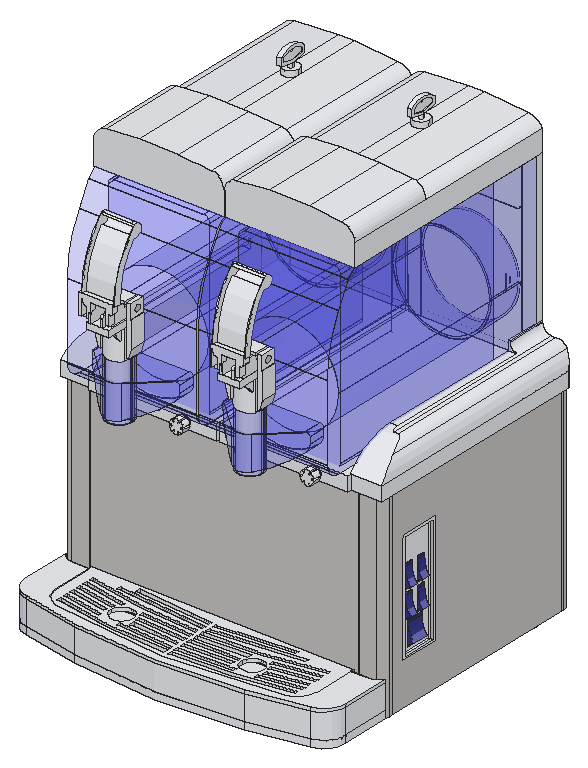
Revit family "QF_ELECTROLUXPROFESSIONAL_560105_SP2NewUK", category Specialty Equipment, Revit 2018 (continued)
Lines and regions (mm)
  symbolic lines
    curve 12: line (2.783, -161.117, 14) -> (2.783, -167.117, 14)
    curve 13: line (2.783, -172.117, 14) -> (2.783, -178.117, 14)
    curve 14: line (2.783, -183.117, 14) -> (2.783, -189.117, 14)
    curve 15: line (2.783, -194.117, 14) -> (2.783, -200.117, 14)
    curve 16: line (2.783, -205.117, 14) -> (2.783, -211.117, 14)
    curve 17: arc (2.783, -211.117, 14) -> (35.925, -210.286, 14) -> (69, -208.033, 14) r 772.106
    curve 18: arc (164.485, -187.256, 14) -> (137.825, -192.623, 14) -> (110.991, -197.04, 14) r 766.106
    curve 19: arc (2.783, -200.117, 14) -> (35.926, -199.274, 14) -> (69, -196.988, 14) r 761.106
    curve 20: arc (69, -190.963, 14) -> (35.926, -193.267, 14) -> (2.783, -194.117, 14) r 755.106
    curve 21: arc (2.783, -189.117, 14) -> (35.228, -188.295, 14) -> (67.608, -186.069, 14) r 750.106
    curve 22: arc (62.063, -180.53, 14) -> (32.449, -182.414, 14) -> (2.783, -183.117, 14) r 744.106
    curve 23: arc (2.783, -178.117, 14) -> (30.123, -177.508, 14) -> (57.422, -175.888, 14) r 739.106
    curve 24: arc (51.822, -170.288, 14) -> (27.318, -171.613, 14) -> (2.783, -172.117, 14) r 733.106
    curve 25: arc (2.783, -167.117, 14) -> (24.968, -166.694, 14) -> (47.129, -165.595, 14) r 728.106
    curve 26: arc (41.464, -159.931, 14) -> (22.132, -160.783, 14) -> (2.783, -161.117, 14) r 722.106
    curve 27: arc (2.783, -156.117, 14) -> (19.755, -155.85, 14) -> (36.715, -155.182, 14) r 717.106
    curve 28: line (164.485, -193.398, 14) -> (164.485, -187.256, 14)
    curve 29: line (164.485, -182.136, 14) -> (164.485, -175.99, 14)
    curve 30: line (164.485, -170.866, 14) -> (164.485, -164.715, 14)
    curve 31: line (164.485, -159.587, 14) -> (164.485, -153.432, 14)
    curve 32: arc (164.485, -153.432, 14) -> (152.163, -156.157, 14) -> (139.797, -158.67, 14) r 733.106
    curve 33: arc (164.485, -164.715, 14) -> (145.534, -168.752, 14) -> (126.484, -172.294, 14) r 744.106
    curve 34: arc (164.485, -175.99, 14) -> (138.736, -181.268, 14) -> (112.82, -185.647, 14) r 755.106
    curve 35: arc (132.277, -166.189, 14) -> (148.418, -163.067, 14) -> (164.485, -159.587, 14) r 739.106
    curve 36: arc (118.814, -179.653, 14) -> (141.717, -175.613, 14) -> (164.485, -170.866, 14) r 750.106
    curve 37: arc (111, -191.985, 14) -> (137.83, -187.538, 14) -> (164.485, -182.136, 14) r 761.106
    curve 38: arc (69, -202.009, 14) -> (35.925, -204.28, 14) -> (2.783, -205.117, 14) r 766.106
    curve 39: arc (111.004, -203.101, 14) -> (137.83, -198.721, 14) -> (164.485, -193.398, 14) r 772.106
    curve 40: line (97.267, -160.486, 14) -> (97.267, -153, 14)
    curve 41: line (82.733, -160.486, 14) -> (82.733, -153, 14)
    curve 42: arc (105.17, -170.997, 14) -> (90.017, -158.677, 14) -> (74.837, -170.964, 14) r 15.5
    curve 43: line (-7, -121.793, 14) -> (9.534, -121.793, 14)
    curve 44: line (-7, -137.647, 14) -> (9.534, -137.647, 14)
    curve 45: line (2.783, -161.117, 14) -> (2.783, -113, 14)
    curve 46: line (-180.657, -118, 14) -> (-180.657, -174.118, 14)
    curve 47: arc (-180.657, -174.118, 14) -> (-173.912, -193.071, 14) -> (-156.71, -203.501, 14) r 30
    curve 48: line (-2.783, -161.117, 14) -> (-2.783, -167.117, 14)
    curve 49: line (-2.783, -172.117, 14) -> (-2.783, -178.117, 14)
    curve 50: line (-2.783, -183.117, 14) -> (-2.783, -189.117, 14)
    curve 51: line (-2.783, -194.117, 14) -> (-2.783, -200.117, 14)
    curve 52: line (-2.783, -205.117, 14) -> (-2.783, -211.117, 14)
    curve 53: arc (-2.783, -211.117, 14) -> (-35.925, -210.286, 14) -> (-69, -208.033, 14) r 772.106
    curve 54: arc (-164.485, -187.256, 14) -> (-137.825, -192.623, 14) -> (-110.991, -197.04, 14) r 766.106
    curve 55: arc (-2.783, -200.117, 14) -> (-35.926, -199.274, 14) -> (-69, -196.988, 14) r 761.106
    curve 56: arc (-69, -190.963, 14) -> (-35.926, -193.267, 14) -> (-2.783, -194.117, 14) r 755.106
    curve 57: arc (-2.783, -189.117, 14) -> (-35.307, -188.291, 14) -> (-67.764, -186.055, 14) r 750.106
    curve 58: arc (-62.01, -180.534, 14) -> (-32.422, -182.416, 14) -> (-2.783, -183.117, 14) r 744.106
    curve 59: arc (-2.783, -178.117, 14) -> (-30.21, -177.505, 14) -> (-57.595, -175.875, 14) r 739.106
    curve 60: arc (-51.822, -170.288, 14) -> (-27.318, -171.613, 14) -> (-2.783, -172.117, 14) r 733.106
    curve 61: arc (-2.783, -167.117, 14) -> (-24.922, -166.696, 14) -> (-47.037, -165.601, 14) r 728.106
    curve 62: arc (-41.44, -159.932, 14) -> (-22.12, -160.783, 14) -> (-2.783, -161.117, 14) r 722.106
    curve 63: arc (-2.783, -156.117, 14) -> (-19.759, -155.85, 14) -> (-36.723, -155.181, 14) r 717.106
    curve 64: line (-164.485, -193.398, 14) -> (-164.485, -187.256, 14)
    curve 65: line (-164.485, -182.136, 14) -> (-164.485, -175.99, 14)
    curve 66: line (-164.485, -170.866, 14) -> (-164.485, -164.715, 14)
    curve 67: line (-164.485, -159.587, 14) -> (-164.485, -153.432, 14)
    curve 68: arc (-164.485, -153.432, 14) -> (-152.209, -156.147, 14) -> (-139.888, -158.652, 14) r 733.106
    curve 69: arc (-164.485, -164.715, 14) -> (-145.359, -168.786, 14) -> (-126.134, -172.354, 14) r 744.106
    curve 70: arc (-164.485, -175.99, 14) -> (-138.838, -181.249, 14) -> (-113.024, -185.616, 14) r 755.106
    curve 71: arc (-132.258, -166.193, 14) -> (-148.408, -163.069, 14) -> (-164.485, -159.587, 14) r 739.106
    curve 72: arc (-118.936, -179.633, 14) -> (-141.778, -175.602, 14) -> (-164.485, -170.866, 14) r 750.106
    curve 73: arc (-111.098, -191.97, 14) -> (-137.879, -187.529, 14) -> (-164.485, -182.136, 14) r 761.106
    curve 74: arc (-69, -202.009, 14) -> (-35.925, -204.28, 14) -> (-2.783, -205.117, 14) r 766.106
    curve 75: arc (-111.004, -203.101, 14) -> (-137.83, -198.721, 14) -> (-164.485, -193.398, 14) r 772.106
    curve 76: line (-97.267, -160.486, 14) -> (-97.267, -153, 14)
    curve 77: line (-82.733, -160.486, 14) -> (-82.733, -153, 14)
    curve 78: arc (-105.172, -171.007, 14) -> (-90.045, -158.677, 14) -> (-74.846, -170.919, 14) r 15.5
    curve 79: line (-2.783, -161.117, 14) -> (-2.783, -113, 14)
    curve 80: arc (73.294, -216.009, 14) -> (0.004, -219.475, 14) -> (-73.287, -216.01, 14) r 776.665
    curve 81: arc (-111.031, -211.498, 14) -> (-133.93, -207.84, 14) -> (-156.71, -203.501, 14) r 776.665
Dimensions and locks
  plane 4 "FEET" to level = 14 mm
  plane 6 "LEFT" to plane 3 "Center (Left/Right)" to plane 7 "RIGHT" = 223.5 mm, 223.5 mm
  locked: plane 6 "LEFT" to plane 7 "RIGHT" at 447
  plane 7 "RIGHT" to plane 6 "LEFT" = 447 mm
  plane 5 "BACK" to plane 12 "FRONT" = 442 mm
  aligned and locked: level to plane 2 "BASE"
Nested families
  nested 1: "SP2_Vasca_L" at (-89.477, 0, 0), type "SP2_Vasca_L"
  nested 2: "SP2_Vasca_R" at (90.523, 0, 0), type "SP2_Vasca_R"
Connectors
  electrical at (-176.5, -31, 4)
    settings: on Extrusion 9, index 1, voltage 0 V, apparent load 0 VA, apparent load phase1 0 VA, apparent load phase2 0 VA, apparent load phase3 0 VA, power factor 1, load classification "Other", number of poles 1, system type 30, power factor state 1, is connector primary yes, connector utility no, sub classification motor no, connector description "Electrical connection"
  electrical at (-176.5, -31, 4)
    settings: on Extrusion 9, index 2, voltage 0 V, apparent load 0 VA, apparent load phase1 0 VA, apparent load phase2 0 VA, apparent load phase3 0 VA, power factor 1, load classification "Other", number of poles 1, system type 30, power factor state 1, is connector primary no, connector utility no, sub classification motor no, connector description ""
Definition of nested family "SP2_Vasca_L"
  Parameters (values of type "SP2_Vasca_L")
    Weight = 28.00 kg
    Watts = 32.5161 W
    Volts = 230 V
    URL Manufacturer = "http://professional.electrolux.com"
    URL = "http://professional.electrolux.com"
    Steam Supply Size = 0 mm
    Steam Supply Minimum Pressure = 0.0 Pa
    Steam Supply Maximum Pressure = 0.0 Pa
    Steam Pounds per Hour = 0
    Refrigeration Suction Line Size = 0 mm
    Refrigeration Liquid Line Size = 0 mm
    Refrigerant Compressor Remote = yes
    Phase = 1
    Model = "SP1ITNK"
    Manufacturer = "Electrolux"
    Length Actual = 262 mm  # constant formula
    Item Number = "560011"
    Hot Water Size = 0 mm
    Height Actual = 612 mm  # constant formula
    HP = "0.5 HP"
    Gas Size = 0 mm
    Gas KW = 0
    Gas Input Pressure = 0 W
    Description = "1X5 LT BOWL - FROZEN GRANITA AND FROZEN CREAM DISPENSER - 1 INSULATED BOWL - WHITE"
    Depth Actual = 427 mm  # constant formula
    Cycle = 50 Hz
    Condensate Return Size = 0 mm
    Compressed Air Volume = 0.0 L/s
    Compressed Air Size = 0 mm
    Compressed Air Pressure = 0.0 Pa
    Cold Water Size = 0 mm
    Accessory = yes
  Reference planes
    plane 1 "Center (Front/Back)": y = 0
    plane 2 "BASE": z = 0
    plane 3 "Center (Left/Right)": x = 0
    plane 4 "FEET": z = 14
    plane 5 "BACK": y = 212
    plane 6 "LEFT": x = -134.023
    plane 7 "RIGHT": x = 134
    plane 8: y = 169
    plane 9: y = -118.5
    plane 10 "Erogatore": through (0, -232.305, 334.252) normal (0, -0.5736, 0.8192)
    plane 11: y = -81
    plane 12 "BackButton": z = 362.798
    plane 13 "SlopeBack": through (0, 294.5, 470.764) normal (0, 0.9659, 0.2588)
    plane 14 "TOP": z = 640
    plane 15 "FRONT": y = -216
  Forms (mm)
    Extrusion 1, solid
      sketch origin (0, 212, 0) x (-1, 0, 0) y (0, 0, 1)
        loop
          circle (0, 394.542) r 65
        loop
          circle (0, 394.542) r 68
      from -59.276 to -10
    Extrusion 2, solid
      sketch origin (0.189, -212, -123.048) x (-1, 0, 0) y (0, 0, 1)
        loop
          line (41.631, 426.74) -> (42.799, 423.85)
          arc (42.799, 423.85) -> (41.998, 423.46) -> (41.26, 422.962) r 6.382
          line (41.26, 422.962) -> (39.342, 425.418)
          arc (39.342, 425.418) -> (36.964, 422.682) -> (35.784, 419.255) r 9.498
          line (35.784, 419.255) -> (38.87, 418.821)
          arc (38.87, 418.821) -> (38.808, 417.933) -> (38.87, 417.045) r 6.382
          line (38.87, 417.045) -> (35.784, 416.611)
          arc (35.784, 416.611) -> (36.964, 413.184) -> (39.342, 410.449) r 9.498
          line (39.342, 410.449) -> (41.26, 412.904)
          arc (41.26, 412.904) -> (41.998, 412.406) -> (42.799, 412.016) r 6.382
          line (42.799, 412.016) -> (41.631, 409.127)
          arc (41.631, 409.127) -> (45.189, 408.435) -> (48.747, 409.127) r 9.498
          line (48.747, 409.127) -> (47.58, 412.016)
          arc (47.58, 412.016) -> (48.38, 412.406) -> (49.118, 412.904) r 6.382
          line (49.118, 412.904) -> (51.037, 410.449)
          arc (51.037, 410.449) -> (53.415, 413.184) -> (54.595, 416.611) r 9.498
          line (54.595, 416.611) -> (51.509, 417.045)
          arc (51.509, 417.045) -> (51.571, 417.933) -> (51.509, 418.821) r 6.382
          line (51.509, 418.821) -> (54.595, 419.255)
          arc (54.595, 419.255) -> (53.415, 422.682) -> (51.037, 425.418) r 9.498
          line (51.037, 425.418) -> (49.118, 422.962)
          arc (49.118, 422.962) -> (48.38, 423.46) -> (47.58, 423.85) r 6.382
          line (47.58, 423.85) -> (48.747, 426.74)
          arc (48.747, 426.74) -> (45.189, 427.431) -> (41.631, 426.74) r 9.498
      from 74.796 to 85.6
    Extrusion 3, solid
      sketch origin (0, 48.357, 801) x (-1, 0, 0) y (0, -1, 0)
        loop
          circle (0, 226.958) r 15.5
      from -371.98 to -493
    Extrusion 4, solid
      sketch origin (0, 48.357, 801) x (-1, 0, 0) y (0, -1, 0)
        loop
          circle (0, 226.958) r 18
        loop
          circle (0, 226.958) r 16
      from -413.102 to -493
    Extrusion 5, solid
      sketch origin (0, 48.357, 801) x (-1, 0, 0) y (0, -1, 0)
        loop
          arc (-15.227, 216.452) -> (0, 208.458) -> (15.227, 216.452) r 18.5
          line (15.227, 216.452) -> (15.227, 237.464)
          arc (15.227, 237.464) -> (0, 245.458) -> (-15.227, 237.464) r 18.5
          line (-15.227, 237.464) -> (-15.227, 216.452)
      from -371.98 to -413.102
    Extrusion 6, solid
      sketch origin (0, 55.382, 805.556) x (-1, 0, 0) y (0, -1, 0)
        loop
          line (15.227, 271.382) -> (-15.227, 271.382) -> (-15.227, 213.658) -> (15.227, 213.658) -> (15.227, 271.382)
      from -368.017 to -376.536
    Extrusion 7, solid
      sketch origin (0, 53.382, -125.444) x (0, 1, 0) y (0, 0, 1)
        loop
          line (-261.382, 594.51) -> (-261.382, 596.294)
          arc (-261.382, 596.294) -> (-255.05, 633.384) -> (-236.771, 666.272) r 111.793
          arc (-236.771, 666.272) -> (-224.219, 671.737) -> (-234.339, 680.956) r 8.155
          arc (-234.339, 680.956) -> (-260.275, 642.108) -> (-269.382, 596.294) r 119.793
          line (-269.382, 596.294) -> (-269.382, 594.51) -> (-261.382, 594.51)
      from 23.02 to -23.02
    Extrusion 8, void
      sketch origin (0, -212, -130.102) x (-1, 0, 0) y (0, 0, 1)
        loop
          line (-23.02, 594.51) -> (-23.02, 567.641) -> (-15.227, 567.641) -> (-15.227, 586.659)
          arc (-15.227, 586.659) -> (-20.449, 589.269) -> (-23.02, 594.51) r 9.122
        loop
          arc (23.02, 594.51) -> (20.449, 589.269) -> (15.227, 586.659) r 9.122
          line (15.227, 586.659) -> (15.227, 567.641) -> (23.02, 567.641) -> (23.02, 594.51)
        loop
          line (-10.018, 592.641) -> (-10.018, 567.641) -> (9.982, 567.641) -> (9.982, 592.641) -> (-10.018, 592.641)
      from 4 to -4
    Extrusion 9, void
      sketch origin (0, 53.382, -125.444) x (0, 1, 0) y (0, 0, 1)
        loop
          arc (-238.506, 676.569) -> (-261.397, 639.298) -> (-269.382, 596.294) r 119.793
          line (-269.382, 596.294) -> (-262.382, 596.294)
          arc (-262.382, 596.294) -> (-255.831, 634.173) -> (-236.94, 667.653) r 112.793
          arc (-236.94, 667.653) -> (-225.218, 674.307) -> (-238.506, 676.569) r 7.155
      from 22 to -22
    Extrusion 10, solid
      sketch origin (-134.023, 53.382, -125.444) x (0, 1, 0) y (0, 0, 1)
        loop
          line (-261.382, 596.294) -> (-269.382, 596.294) -> (-269.382, 567.641) -> (-261.382, 567.641) -> (-261.382, 596.294)
      from 154.02 to 107.98
    Extrusion 11, solid
      sketch origin (-134.023, 55.382, -130.102) x (0, 1, 0) y (0, 0, 1)
        loop
          line (-263.382, 567.641) -> (-223.382, 567.641) -> (-223.382, 587.641) -> (-256.513, 587.641)
          arc (-256.513, 587.641) -> (-261.37, 589.653) -> (-263.382, 594.51) r 6.869
          line (-263.382, 594.51) -> (-263.382, 567.641)
      from 115.773 to 107.98
    Extrusion 12, solid
      sketch origin (-134.023, 55.382, -130.102) x (0, 1, 0) y (0, 0, 1)
        loop
          line (-263.382, 567.641) -> (-224.483, 567.641) -> (-224.483, 587.641) -> (-256.513, 587.641)
          arc (-256.513, 587.641) -> (-261.37, 589.653) -> (-263.382, 594.51) r 6.869
          line (-263.382, 594.51) -> (-263.382, 567.641)
      from 115.773 to 121.018
    Extrusion 13, solid
      sketch origin (-134.023, 55.382, -125.444) x (0, 1, 0) y (0, 0, 1)
        loop
          line (-248.575, 539.464) -> (-246.902, 539.464) -> (-246.902, 554.464) -> (-261.615, 554.464) -> (-248.575, 539.464)
      from 115.773 to 118.85
    Extrusion 14, solid
      sketch origin (-134.023, 55.382, -125.444) x (0, 1, 0) y (0, 0, 1)
        loop
          line (-246.902, 554.464) -> (-261.615, 554.464) -> (-248.575, 539.464) -> (-246.902, 539.464) -> (-246.902, 554.464)
      from 143.221 to 146.227
    Extrusion 15, solid
      sketch origin (-134.023, 55.382, -125.444) x (0, 1, 0) y (0, 0, 1)
        loop
          line (-263.382, 562.983) -> (-224.483, 562.983) -> (-224.483, 582.983) -> (-256.513, 582.983)
          arc (-256.513, 582.983) -> (-261.37, 584.995) -> (-263.382, 589.852) r 6.869
          line (-263.382, 589.852) -> (-263.382, 562.983)
      from 141.018 to 146.227
    Extrusion 16, solid
      sketch origin (-134.023, 53.382, -130.102) x (0, 1, 0) y (0, 0, 1)
        loop
          line (-269.382, 567.641) -> (-221.382, 567.641) -> (-221.382, 586.659) -> (-258.382, 586.659)
          arc (-258.382, 586.659) -> (-260.503, 585.78) -> (-261.382, 583.659) r 3
          line (-261.382, 583.659) -> (-261.382, 582.15) -> (-266.382, 582.15)
          arc (-266.382, 582.15) -> (-268.503, 581.271) -> (-269.382, 579.15) r 3
          line (-269.382, 579.15) -> (-269.382, 567.641)
      from 124.546 to 121.018
    Extrusion 17, solid
      sketch origin (-134.023, 65.803, -125.444) x (0, 1, 0) y (0, 0, 1)
        loop
          line (-281.803, 562.983) -> (-234.904, 562.983) -> (-234.904, 582.001) -> (-270.803, 582.001)
          arc (-270.803, 582.001) -> (-272.924, 581.122) -> (-273.803, 579.001) r 3
          line (-273.803, 579.001) -> (-273.803, 577.492) -> (-278.803, 577.492)
          arc (-278.803, 577.492) -> (-280.924, 576.613) -> (-281.803, 574.492) r 3
          line (-281.803, 574.492) -> (-281.803, 562.983)
      from 137.49 to 141.018
    Extrusion 18, solid
      sketch origin (0, -212, -125.444) x (-1, 0, 0) y (0, 0, 1)
        loop
          line (-18, 517.898) -> (-18, 586.659) -> (-23.482, 586.659) -> (-23.482, 567.641) -> (-24.969, 567.641) -> (-24.969, 530.88) -> (-21, 517.898) -> (-18, 517.898)
        loop
          line (18, 517.898) -> (21, 517.898) -> (24.969, 530.88) -> (24.969, 567.641) -> (23.482, 567.641) -> (23.482, 586.659) -> (18, 586.659) -> (18, 517.898)
      from 43.905 to 22.893
    Extrusion 19, solid
      sketch origin (0, 65.803, 805.556) x (-1, 0, 0) y (0, -1, 0)
        loop
          line (-15.227, 254.91) -> (-15.227, 233.898) -> (15.227, 233.898) -> (15.227, 254.91) -> (-15.227, 254.91)
      from -344.341 to -348.017
    Extrusion 20, void
      sketch origin (0, 56.778, -130) x (0, 1, 0) y (0, 0, 1)
        loop
          circle (-234.353, 582.005) r 3.978
      from 24.969 to -24.969
    Extrusion 21, solid
      sketch origin (0, 56.226, -130) x (0, 1, 0) y (0, 0, 1)
        loop
          circle (-234.353, 582.005) r 3.978
      from 24 to -24
    Extrusion 22, void
      sketch origin (-27, 240.916, -119) x (0, 0, 1) y (-1, 0, 0)
        loop
          line (496.312, -81.169) -> (519.521, -81.169)
          arc (519.521, -81.169) -> (523.021, -77.669) -> (519.521, -74.169) r 3.5
          line (519.521, -74.169) -> (496.312, -74.169)
          arc (496.312, -74.169) -> (492.812, -77.669) -> (496.312, -81.169) r 3.5
      from 28.916 to 38.079
    Extrusion 23, solid
      sketch origin (-27, 240.916, -119) x (0, 0, 1) y (-1, 0, 0)
        loop
          line (507.945, -79.669) -> (517.521, -79.669) -> (517.521, -75.669) -> (507.945, -75.669) -> (507.945, -79.669)
      from 32.664 to 38.079
    Extrusion 24, void
      sketch origin (0, 0, 0) x (0, 1, 0) y (0, 0, 1)
        loop
          line (157, 351) -> (-115.977, 351) -> (-115.977, 306)
          arc (-115.977, 306) -> (-85.566, 329.6) -> (-48, 338) r 88.201
          line (-48, 338) -> (157, 338) -> (157, 351)
      from -135 to 135
    Extrusion 25, solid
      sketch origin (0, 212, 0) x (-1, 0, 0) y (0, 0, 1)
        loop
          circle (0, 394.542) r 68
        loop
          line (69.972, 309) -> (69.972, 543)
          arc (69.972, 543) -> (67.629, 548.657) -> (61.972, 551) r 8
          line (61.972, 551) -> (-62.028, 551)
          arc (-62.028, 551) -> (-67.685, 548.657) -> (-70.028, 543) r 8
          line (-70.028, 543) -> (-70.028, 308.956)
          arc (-70.028, 308.956) -> (-67.698, 303.33) -> (-62.072, 301) r 7.956
          line (-62.072, 301) -> (61.972, 301)
          arc (61.972, 301) -> (67.629, 303.343) -> (69.972, 309) r 8
      from -59.276 to -322.829
    Extrusion 26, solid
      sketch origin (0, 212, 0) x (-1, 0, 0) y (0, 0, 1)
        loop
          line (90.028, 558.048) -> (90.028, 589.456)
          arc (90.028, 589.456) -> (84.981, 602.738) -> (72.387, 609.316) r 20
          arc (72.387, 609.316) -> (49.793, 611.577) -> (27.131, 613) r 613.713
          line (27.131, 613) -> (-27.131, 613)
          arc (-27.131, 613) -> (-49.793, 611.577) -> (-72.387, 609.316) r 613.713
          arc (-72.387, 609.316) -> (-84.981, 602.738) -> (-90.028, 589.456) r 20
          line (-90.028, 589.456) -> (-90.028, 558.048) -> (90.028, 558.048)
      from 0 to -322.829
    Extrusion 27, solid
      sketch origin (0, -212, 0) x (-1, 0, 0) y (0, 0, 1)
        loop
          line (88, 306) -> (-88, 306) -> (-88, 286) -> (88, 286) -> (88, 306)
      from 90.501 to 414
    Extrusion 28, solid
      sketch origin (-0.189, -212, -123.048) x (1, 0, 0) y (0, 0, -1)
        loop
          arc (41.631, -426.74) -> (45.189, -427.431) -> (48.747, -426.74) r 9.498
          line (48.747, -426.74) -> (47.58, -423.85)
          arc (47.58, -423.85) -> (48.38, -423.46) -> (49.118, -422.962) r 6.382
          line (49.118, -422.962) -> (51.037, -425.418)
          arc (51.037, -425.418) -> (53.415, -422.682) -> (54.595, -419.255) r 9.498
          line (54.595, -419.255) -> (51.509, -418.821)
          arc (51.509, -418.821) -> (51.571, -417.933) -> (51.509, -417.045) r 6.382
          line (51.509, -417.045) -> (54.595, -416.611)
          arc (54.595, -416.611) -> (53.415, -413.184) -> (51.037, -410.449) r 9.498
          line (51.037, -410.449) -> (49.118, -412.904)
          arc (49.118, -412.904) -> (48.38, -412.406) -> (47.58, -412.016) r 6.382
          line (47.58, -412.016) -> (48.747, -409.127)
          arc (48.747, -409.127) -> (45.189, -408.435) -> (41.631, -409.127) r 9.498
          line (41.631, -409.127) -> (42.799, -412.016)
          arc (42.799, -412.016) -> (41.998, -412.406) -> (41.26, -412.904) r 6.382
          line (41.26, -412.904) -> (39.342, -410.449)
          arc (39.342, -410.449) -> (36.964, -413.184) -> (35.784, -416.611) r 9.498
          line (35.784, -416.611) -> (38.87, -417.045)
          arc (38.87, -417.045) -> (38.808, -417.933) -> (38.87, -418.821) r 6.382
          line (38.87, -418.821) -> (35.784, -419.255)
          arc (35.784, -419.255) -> (36.964, -422.682) -> (39.342, -425.418) r 9.498
          line (39.342, -425.418) -> (41.26, -422.962)
          arc (41.26, -422.962) -> (41.998, -423.46) -> (42.799, -423.85) r 6.382
          line (42.799, -423.85) -> (41.631, -426.74)
      from 74.796 to 85.6
    Extrusion 29, solid
      sketch origin (-134.023, 55.382, -125.444) x (0, 1, 0) y (0, 0, 1)
        loop
          line (-261.615, 554.464) -> (-248.575, 539.464) -> (-246.902, 539.464) -> (-246.902, 554.464) -> (-261.615, 554.464)
      from 143.221 to 146.227
    Extrusion 30, void
      sketch origin (0, 0, 14) x (-1, 0, 0) y (0, -1, 0)
        loop
          line (68.799, 141.983) -> (68.799, 216) -> (-68.799, 216) -> (-68.799, 141.983) -> (-14.053, 193.527)
          arc (-14.053, 193.527) -> (0, 199.101) -> (14.053, 193.527) r 20.5
          line (14.053, 193.527) -> (68.799, 141.983)
      from 285.914 to 353.792
    Extrusion 31, solid
      sketch origin (0, -212, 0) x (-1, 0, 0) y (0, 0, 1)
        loop
          line (55, 361.368) -> (-55, 361.368)
          arc (-55, 361.368) -> (-58.536, 359.903) -> (-60, 356.368) r 5
          line (-60, 356.368) -> (-60, 346.588)
          arc (-60, 346.588) -> (-58.765, 340.628) -> (-55.264, 335.649) r 15
          arc (-55.264, 335.649) -> (0, 313.78) -> (55.264, 335.649) r 80.762
          arc (55.264, 335.649) -> (58.765, 340.628) -> (60, 346.588) r 15
          line (60, 346.588) -> (60, 356.368)
          arc (60, 356.368) -> (58.536, 359.903) -> (55, 361.368) r 5
      from 85.6 to 6.421
    Extrusion 32, solid
      sketch origin (0.031, 16.704, -263) x (0, 1, 0) y (0, 0, 1)
        loop
          line (99.092, 881.377) -> (118.655, 885.535) -> (118.655, 895.535)
          arc (118.655, 895.535) -> (99.092, 903) -> (79.529, 895.535) r 29.367
          line (79.529, 895.535) -> (79.529, 885.535) -> (99.092, 881.377)
        loop
          arc (115.655, 894.149) -> (99.092, 900) -> (82.529, 894.149) r 26.367
          line (82.529, 894.149) -> (82.529, 887.965) -> (99.092, 884.444) -> (115.655, 887.965) -> (115.655, 894.149)
      from -3 to 3
    Extrusion 33, solid
      sketch origin (0.031, 16.704, -263) x (0, 1, 0) y (0, 0, 1)
        loop
          line (115.655, 887.965) -> (115.655, 894.149)
          arc (115.655, 894.149) -> (99.092, 900) -> (82.529, 894.149) r 26.367
          line (82.529, 894.149) -> (82.529, 887.965) -> (99.092, 884.444) -> (115.655, 887.965)
        loop
          circle (99.092, 896.274) r 2.509
      from 1 to -1
    Extrusion 34, solid
      sketch origin (0.031, 16.704, 667) x (-1, 0, 0) y (0, -1, 0)
        loop
          circle (0, -99.092) r 3
      from -45.737 to -54
    Extrusion 35, solid
      sketch origin (0, -70, 0) x (1, 0, 0) y (0, 1, 0)
        loop
          circle (0.031, 185.796) r 11
      from 606 to 613
    Extrusion 36, solid
      sketch origin (0, 0, 0) x (0, 1, 0) y (0, 0, 1)
        loop
          arc (-158.276, 334.912) -> (-152.418, 320.769) -> (-138.276, 314.912) r 20
          line (-138.276, 314.912) -> (202, 314.912) -> (202, 558.048) -> (-103.948, 558.048)
          arc (-103.948, 558.048) -> (-114.098, 555.281) -> (-121.44, 547.744) r 20
          line (-121.44, 547.744) -> (-138.215, 517.481)
          arc (-138.215, 517.481) -> (-153.18, 479.972) -> (-158.276, 439.912) r 160
          line (-158.276, 439.912) -> (-158.276, 334.912)
      from -88 to 90.028
    Extrusion 37, void
      sketch origin (0, 212, 0) x (-1, 0, 0) y (0, 0, 1)
        loop
          line (90.028, 588.856) -> (96.254, 588.856) -> (96.254, 613.856) -> (-100.028, 613.856) -> (-100.028, 588.856) -> (-90.028, 588.856)
          arc (-90.028, 588.856) -> (-82.37, 597.635) -> (-71.481, 601.774) r 24
          arc (-71.481, 601.774) -> (-41.299, 604.942) -> (-10.969, 606) r 435.39
          line (-10.969, 606) -> (10.969, 606)
          arc (10.969, 606) -> (41.299, 604.942) -> (71.481, 601.774) r 435.39
          arc (71.481, 601.774) -> (82.37, 597.635) -> (90.028, 588.856) r 24
      from 0 to -201.493
    Extrusion 38, solid
      sketch origin (0, 212, 0) x (-1, 0, 0) y (0, 0, 1)
        loop
          line (-90.028, 558.048) -> (-90.028, 286) -> (88, 286) -> (88, 558.048) -> (-90.028, 558.048)
        loop
          arc (61.972, 301) -> (67.629, 303.343) -> (69.972, 309) r 8
          line (69.972, 309) -> (69.972, 543)
          arc (69.972, 543) -> (67.629, 548.657) -> (61.972, 551) r 8
          line (61.972, 551) -> (-62.028, 551)
          arc (-62.028, 551) -> (-67.685, 548.657) -> (-70.028, 543) r 8
          line (-70.028, 543) -> (-70.028, 308.956)
          arc (-70.028, 308.956) -> (-67.698, 303.33) -> (-62.072, 301) r 7.956
          line (-62.072, 301) -> (61.972, 301)
      from 0 to -10
    Extrusion 39, solid
      sketch origin (0, 212, 0) x (-1, 0, 0) y (0, 0, 1)
        loop
          arc (-70.028, 308.956) -> (-67.698, 303.33) -> (-62.072, 301) r 7.956
          line (-62.072, 301) -> (61.972, 301)
          arc (61.972, 301) -> (67.629, 303.343) -> (69.972, 309) r 8
          line (69.972, 309) -> (69.972, 493.849)
          arc (69.972, 493.849) -> (67.629, 488.193) -> (61.972, 485.849) r 8
          line (61.972, 485.849) -> (-62.028, 485.849)
          arc (-62.028, 485.849) -> (-67.685, 488.193) -> (-70.028, 493.849) r 8
          line (-70.028, 493.849) -> (-70.028, 308.956)
      from 0 to -10
    Extrusion 40, solid
      sketch origin (0, 212, 0) x (-1, 0, 0) y (0, 0, 1)
        loop
          line (-70.028, 543) -> (-70.028, 493.849)
          arc (-70.028, 493.849) -> (-67.685, 488.193) -> (-62.028, 485.849) r 8
          line (-62.028, 485.849) -> (61.972, 485.849)
          arc (61.972, 485.849) -> (67.629, 488.193) -> (69.972, 493.849) r 8
          line (69.972, 493.849) -> (69.972, 543)
          arc (69.972, 543) -> (67.629, 548.657) -> (61.972, 551) r 8
          line (61.972, 551) -> (-62.028, 551)
          arc (-62.028, 551) -> (-67.685, 548.657) -> (-70.028, 543) r 8
      from 0 to -10
    Extrusion 41, void
      sketch origin (0, 212, 0) x (-1, 0, 0) y (0, 0, 1)
        loop
          arc (-74.482, 439.575) -> (-77.31, 438.403) -> (-78.482, 435.575) r 4
          line (-78.482, 435.575) -> (-78.482, 426.169)
          arc (-78.482, 426.169) -> (-77.31, 423.34) -> (-74.482, 422.169) r 4
          line (-74.482, 422.169) -> (-42.482, 422.169)
          arc (-42.482, 422.169) -> (-39.653, 423.34) -> (-38.482, 426.169) r 4
          line (-38.482, 426.169) -> (-38.482, 435.575)
          arc (-38.482, 435.575) -> (-39.653, 438.403) -> (-42.482, 439.575) r 4
          line (-42.482, 439.575) -> (-74.482, 439.575)
      from 0 to -2
    Extrusion 42, solid
      sketch origin (0, 212, 0) x (-1, 0, 0) y (0, 0, 1)
        loop
          arc (-74.482, 438.575) -> (-76.603, 437.696) -> (-77.482, 435.575) r 3
          line (-77.482, 435.575) -> (-77.482, 426.169)
          arc (-77.482, 426.169) -> (-76.603, 424.047) -> (-74.482, 423.169) r 3
          line (-74.482, 423.169) -> (-42.482, 423.169)
          arc (-42.482, 423.169) -> (-40.36, 424.047) -> (-39.482, 426.169) r 3
          line (-39.482, 426.169) -> (-39.482, 435.575)
          arc (-39.482, 435.575) -> (-40.36, 437.696) -> (-42.482, 438.575) r 3
          line (-42.482, 438.575) -> (-74.482, 438.575)
      from 0 to -2
    Extrusion 43, void
      sketch origin (0, 212, 0) x (-1, 0, 0) y (0, 0, 1)
        loop
          line (88, 350.533) -> (86, 350.533) -> (86, 286) -> (88, 286) -> (88, 350.533)
      from 0 to -10
    Extrusion 44, solid
      sketch origin (0.189, -212, -123.048) x (-1, 0, 0) y (0, 0, 1)
        loop
          circle (45.189, 417.933) r 6.382
      from 90.501 to 85.6
    Extrusion 45, solid
      sketch origin (-0.189, -212, -123.048) x (1, 0, 0) y (0, 0, -1)
        loop
          circle (45.189, -417.933) r 6.382
      from 85.6 to 90.501
    Extrusion 46, solid
      sketch origin (0, 212, 0) x (1, 0, 0) y (0, 0, -1)
        loop
          line (-88, -286) -> (-131, -286) -> (-131, -306)
          arc (-131, -306) -> (-129.118, -317.88) -> (-123.658, -328.597) r 38.445
          arc (-123.658, -328.597) -> (-117.695, -334.961) -> (-109.296, -337.309) r 16.194
          line (-109.296, -337.309) -> (-102.317, -337.309)
          arc (-102.317, -337.309) -> (-93.627, -340.909) -> (-90.028, -349.598) r 12.289
          line (-90.028, -349.598) -> (-90.028, -351) -> (-88, -351) -> (-88, -286)
      from 0 to -327.977
    Extrusion 47, void
      sketch origin (89.477, 0, 0) x (-1, 0, 0) y (0, -1, 0)
        loop
          line (210.523, -212) -> (223.5, -212) -> (223.5, -199.023)
          arc (223.5, -199.023) -> (219.699, -208.199) -> (210.523, -212) r 12.977
      from 338 to 286
  Cuts and joins
    Extrusion 8 cuts Extrusion 6
    Extrusion 8, Extrusion 9 cuts Extrusion 7
    Extrusion 8 cuts Extrusion 10
    joined: Extrusion 7, Extrusion 10, Extrusion 11
    joined: Extrusion 5, Extrusion 14
    Extrusion 20 cuts Extrusion 12
    Extrusion 20 cuts Extrusion 15
    Extrusion 20 cuts Extrusion 16
    Extrusion 20 cuts Extrusion 17
    Extrusion 20 cuts Extrusion 18
    Extrusion 22 cuts Extrusion 25
    Extrusion 30 cuts Extrusion 31
    Extrusion 22, Extrusion 41, Extrusion 43 cuts Extrusion 38
    Extrusion 22, Extrusion 41 cuts Extrusion 39
    Extrusion 37 cuts Extrusion 26
    Extrusion 24, Extrusion 47 cuts Extrusion 46
  Lines and regions (mm)
    symbolic lines
      curve 1: line (89.477, 212, 14) -> (89.477, 30.512, 14)
      curve 2: arc (89.477, 30.512, 14) -> (83.619, 16.37, 14) -> (69.477, 10.512, 14) r 20
      curve 3: arc (-90.523, 30.512, 14) -> (-84.665, 16.37, 14) -> (-70.523, 10.512, 14) r 20
      curve 4: line (-90.523, 30.512, 14) -> (-90.523, -113, 14)
      curve 5: line (2.977, 135.359, 14) -> (-3.023, 135.359, 14)
      curve 6: line (2.977, 96.233, 14) -> (2.977, 135.359, 14)
      curve 7: line (-3.023, 96.233, 14) -> (2.977, 96.233, 14)
      curve 8: line (-3.023, 135.359, 14) -> (-3.023, 96.233, 14)
      curve 9: arc (2.977, 105.213, 14) -> (10.977, 115.796, 14) -> (2.977, 126.379, 14) r 11
      curve 10: arc (-3.023, 126.379, 14) -> (-11.023, 115.796, 14) -> (-3.023, 105.213, 14) r 11
      curve 11: arc (89.477, -93, 14) -> (82.183, -87.573, 14) -> (73.338, -85.474, 14) r 22.513
      curve 12: arc (-90.523, -93, 14) -> (-83.229, -87.573, 14) -> (-74.384, -85.474, 14) r 22.513
      curve 13: arc (73.338, -85.474, 14) -> (-0.523, -83, 14) -> (-74.384, -85.474, 14) r 1103.745
      curve 14: line (-0.523, -113, 14) -> (-0.523, -171, 14)
      curve 15: line (82.477, -113, 14) -> (82.477, -153, 14)
      curve 16: line (-80.989, -113, 14) -> (-80.989, -153, 14)
      curve 17: line (-80.989, -153, 14) -> (82.477, -153, 14)
      curve 18: line (-50.989, -153, 14) -> (-21.523, -182.466, 14)
      curve 19: line (20.477, -216, 14) -> (-21.523, -216, 14)
      curve 20: line (-21.523, -216, 14) -> (-21.523, -171, 14)
      curve 21: line (-21.523, -171, 14) -> (20.477, -171, 14)
      curve 22: line (-16.523, -216, 14) -> (-16.523, -181, 14)
      curve 23: line (-16.523, -181, 14) -> (14.477, -181, 14)
      curve 24: line (14.477, -196, 14) -> (-16.523, -196, 14)
      curve 25: line (-55.989, -153, 14) -> (-21.523, -187.466, 14)
      curve 26: line (49.943, -153, 14) -> (20.477, -182.466, 14)
      curve 27: line (54.943, -153, 14) -> (20.477, -187.466, 14)
      curve 28: line (20.477, -216, 14) -> (20.477, -171, 14)
      curve 29: line (14.477, -216, 14) -> (14.477, -181, 14)
      curve 30: line (-121.046, 212, 14) -> (89.477, 212, 14)
      curve 31: line (-90.523, 212, 14) -> (-90.523, 30.512, 14)
      curve 32: line (-90.523, -113, 14) -> (89.477, -113, 14)
      curve 33: line (89.477, -113, 14) -> (89.477, 30.512, 14)
      curve 34: line (-70.523, 10.512, 0) -> (69.477, 10.512, 0)
      curve 35: arc (-114.023, -118, 14) -> (-128.165, -112.142, 14) -> (-134.023, -98, 14) r 20
      curve 36: line (-112.023, 212, 14) -> (-112.023, -50, 14)
      curve 37: line (-112.023, -50, 14) -> (-129.023, -50, 14)
      curve 38: line (-129.023, -50, 14) -> (-129.023, 209.259, 14)
      curve 39: arc (-121.046, 212, 14) -> (-130.222, 208.199, 14) -> (-134.023, 199.023, 14) r 12.977
      curve 40: line (-112.023, -50, 14) -> (-112.023, -67.775, 14)
      curve 41: arc (-112.023, -67.775, 14) -> (-113.99, -92.763, 14) -> (-119.841, -117.135, 14) r 159.732
      curve 42: line (-129.023, -50, 14) -> (-134.023, -85.577, 14)
      curve 43: line (-90.523, 157, 14) -> (-105.523, 157, 14)
      curve 44: line (-105.523, 157, 14) -> (-105.523, -88, 14)
      curve 45: arc (-105.523, -88, 14) -> (-104.059, -99.123, 14) -> (-99.765, -109.488, 14) r 42.977
      curve 46: line (-99.765, -109.488, 14) -> (-90.523, -109.488, 14)
      curve 47: line (-134.023, 199.023, 14) -> (-134.023, -98, 14)
      curve 48: line (-80.989, -118, 14) -> (-114.023, -118, 14)
  Dimensions and locks
    plane 4 "FEET" to level = 14 mm
    plane 6 "LEFT" to plane 3 "Center (Left/Right)" to plane 7 "RIGHT" = 134.023 mm, 134 mm
    plane 5 "BACK" to plane 1 "Center (Front/Back)" = 212 mm
    plane 6 "LEFT" to plane 7 "RIGHT" = 268.023 mm
    plane 5 "BACK" to plane 8 = 43 mm
    plane 8 to plane 11 = 250 mm
    plane 14 "TOP" to level = 640 mm
    plane 15 "FRONT" to plane 5 "BACK" = 428 mm
    plane 5 "BACK" to plane 15 "FRONT" = 428 mm
    Extrusion 35 to level = 613 mm
    Extrusion 35 to level = 606 mm
    aligned and locked: level to plane 2 "BASE"
Definition of nested family "SP2_Vasca_R"
  Parameters (values of type "SP2_Vasca_R")
    Weight = 28.00 kg
    Watts = 32.5161 W
    Volts = 230 V
    URL Manufacturer = "http://professional.electrolux.com"
    URL = "http://professional.electrolux.com"
    Steam Supply Size = 0 mm
    Steam Supply Minimum Pressure = 0.0 Pa
    Steam Supply Maximum Pressure = 0.0 Pa
    Steam Pounds per Hour = 0
    Refrigeration Suction Line Size = 0 mm
    Refrigeration Liquid Line Size = 0 mm
    Refrigerant Compressor Remote = yes
    Phase = 1
    Model = "SP1ITNK"
    Manufacturer = "Electrolux"
    Length Actual = 262 mm  # constant formula
    Item Number = "560011"
    Hot Water Size = 0 mm
    Height Actual = 612 mm  # constant formula
    HP = "0.5 HP"
    Gas Size = 0 mm
    Gas KW = 0
    Gas Input Pressure = 0 W
    Description = "1X5 LT BOWL - FROZEN GRANITA AND FROZEN CREAM DISPENSER - 1 INSULATED BOWL - WHITE"
    Depth Actual = 427 mm  # constant formula
    Cycle = 50 Hz
    Condensate Return Size = 0 mm
    Compressed Air Volume = 0.0 L/s
    Compressed Air Size = 0 mm
    Compressed Air Pressure = 0.0 Pa
    Cold Water Size = 0 mm
    Accessory = yes
  Reference planes
    plane 1 "Center (Front/Back)": y = 0
    plane 2 "BASE": z = 0
    plane 3 "Center (Left/Right)": x = 0
    plane 4 "FEET": z = 14
    plane 5 "BACK": y = 212
    plane 6 "LEFT": x = -133
    plane 7 "RIGHT": x = 133
    plane 8: y = 169
    plane 9: y = -118.5
    plane 10 "Erogatore": through (0, -232.305, 334.252) normal (0, -0.5736, 0.8192)
    plane 11: y = -81
    plane 12 "BackButton": z = 362.798
    plane 13 "SlopeBack": through (0, 294.5, 470.764) normal (0, 0.9659, 0.2588)
    plane 14 "TOP": z = 640
    plane 15 "FRONT": y = -216
  Forms (mm)
    Extrusion 1, solid
      sketch origin (0, 212, 0) x (-1, 0, 0) y (0, 0, 1)
        loop
          circle (0, 394.542) r 65
        loop
          circle (0, 394.542) r 68
      from -59.276 to -10
    Extrusion 2, solid
      sketch origin (0.189, -212, -123.048) x (-1, 0, 0) y (0, 0, 1)
        loop
          line (41.631, 426.74) -> (42.799, 423.85)
          arc (42.799, 423.85) -> (41.998, 423.46) -> (41.26, 422.962) r 6.382
          line (41.26, 422.962) -> (39.342, 425.418)
          arc (39.342, 425.418) -> (36.964, 422.682) -> (35.784, 419.255) r 9.498
          line (35.784, 419.255) -> (38.87, 418.821)
          arc (38.87, 418.821) -> (38.808, 417.933) -> (38.87, 417.045) r 6.382
          line (38.87, 417.045) -> (35.784, 416.611)
          arc (35.784, 416.611) -> (36.964, 413.184) -> (39.342, 410.449) r 9.498
          line (39.342, 410.449) -> (41.26, 412.904)
          arc (41.26, 412.904) -> (41.998, 412.406) -> (42.799, 412.016) r 6.382
          line (42.799, 412.016) -> (41.631, 409.127)
          arc (41.631, 409.127) -> (45.189, 408.435) -> (48.747, 409.127) r 9.498
          line (48.747, 409.127) -> (47.58, 412.016)
          arc (47.58, 412.016) -> (48.38, 412.406) -> (49.118, 412.904) r 6.382
          line (49.118, 412.904) -> (51.037, 410.449)
          arc (51.037, 410.449) -> (53.415, 413.184) -> (54.595, 416.611) r 9.498
          line (54.595, 416.611) -> (51.509, 417.045)
          arc (51.509, 417.045) -> (51.571, 417.933) -> (51.509, 418.821) r 6.382
          line (51.509, 418.821) -> (54.595, 419.255)
          arc (54.595, 419.255) -> (53.415, 422.682) -> (51.037, 425.418) r 9.498
          line (51.037, 425.418) -> (49.118, 422.962)
          arc (49.118, 422.962) -> (48.38, 423.46) -> (47.58, 423.85) r 6.382
          line (47.58, 423.85) -> (48.747, 426.74)
          arc (48.747, 426.74) -> (45.189, 427.431) -> (41.631, 426.74) r 9.498
      from 74.796 to 85.6
    Extrusion 3, solid
      sketch origin (0, 48.357, 801) x (-1, 0, 0) y (0, -1, 0)
        loop
          circle (0, 226.958) r 15.5
      from -371.98 to -493
    Extrusion 4, solid
      sketch origin (0, 48.357, 801) x (-1, 0, 0) y (0, -1, 0)
        loop
          circle (0, 226.958) r 18
        loop
          circle (0, 226.958) r 16
      from -413.102 to -493
    Extrusion 5, solid
      sketch origin (0, 48.357, 801) x (-1, 0, 0) y (0, -1, 0)
        loop
          arc (-15.227, 216.452) -> (0, 208.458) -> (15.227, 216.452) r 18.5
          line (15.227, 216.452) -> (15.227, 237.464)
          arc (15.227, 237.464) -> (0, 245.458) -> (-15.227, 237.464) r 18.5
          line (-15.227, 237.464) -> (-15.227, 216.452)
      from -371.98 to -413.102
    Extrusion 6, solid
      sketch origin (0, 55.382, 805.556) x (-1, 0, 0) y (0, -1, 0)
        loop
          line (15.227, 271.382) -> (-15.227, 271.382) -> (-15.227, 213.658) -> (15.227, 213.658) -> (15.227, 271.382)
      from -368.017 to -376.536
    Extrusion 7, solid
      sketch origin (0, 53.382, -125.444) x (0, 1, 0) y (0, 0, 1)
        loop
          line (-261.382, 594.51) -> (-261.382, 596.294)
          arc (-261.382, 596.294) -> (-255.05, 633.384) -> (-236.771, 666.272) r 111.793
          arc (-236.771, 666.272) -> (-224.219, 671.737) -> (-234.339, 680.956) r 8.155
          arc (-234.339, 680.956) -> (-260.275, 642.108) -> (-269.382, 596.294) r 119.793
          line (-269.382, 596.294) -> (-269.382, 594.51) -> (-261.382, 594.51)
      from 23.02 to -23.02
    Extrusion 8, void
      sketch origin (0, -212, -130.102) x (-1, 0, 0) y (0, 0, 1)
        loop
          line (-23.02, 594.51) -> (-23.02, 567.641) -> (-15.227, 567.641) -> (-15.227, 586.659)
          arc (-15.227, 586.659) -> (-20.449, 589.269) -> (-23.02, 594.51) r 9.122
        loop
          arc (23.02, 594.51) -> (20.449, 589.269) -> (15.227, 586.659) r 9.122
          line (15.227, 586.659) -> (15.227, 567.641) -> (23.02, 567.641) -> (23.02, 594.51)
        loop
          line (-10.018, 592.641) -> (-10.018, 567.641) -> (9.982, 567.641) -> (9.982, 592.641) -> (-10.018, 592.641)
      from 4 to -4
    Extrusion 9, void
      sketch origin (0, 53.382, -125.444) x (0, 1, 0) y (0, 0, 1)
        loop
          arc (-238.506, 676.569) -> (-261.397, 639.298) -> (-269.382, 596.294) r 119.793
          line (-269.382, 596.294) -> (-262.382, 596.294)
          arc (-262.382, 596.294) -> (-255.831, 634.173) -> (-236.94, 667.653) r 112.793
          arc (-236.94, 667.653) -> (-225.218, 674.307) -> (-238.506, 676.569) r 7.155
      from 22 to -22
    Extrusion 10, solid
      sketch origin (-133, 53.382, -125.444) x (0, 1, 0) y (0, 0, 1)
        loop
          line (-261.382, 596.294) -> (-269.382, 596.294) -> (-269.382, 567.641) -> (-261.382, 567.641) -> (-261.382, 596.294)
      from 154.02 to 107.98
    Extrusion 11, solid
      sketch origin (-133, 55.382, -130.102) x (0, 1, 0) y (0, 0, 1)
        loop
          line (-263.382, 567.641) -> (-223.382, 567.641) -> (-223.382, 587.641) -> (-256.513, 587.641)
          arc (-256.513, 587.641) -> (-261.37, 589.653) -> (-263.382, 594.51) r 6.869
          line (-263.382, 594.51) -> (-263.382, 567.641)
      from 115.773 to 107.98
    Extrusion 12, solid
      sketch origin (-133, 55.382, -130.102) x (0, 1, 0) y (0, 0, 1)
        loop
          line (-263.382, 567.641) -> (-224.483, 567.641) -> (-224.483, 587.641) -> (-256.513, 587.641)
          arc (-256.513, 587.641) -> (-261.37, 589.653) -> (-263.382, 594.51) r 6.869
          line (-263.382, 594.51) -> (-263.382, 567.641)
      from 115.773 to 121.018
    Extrusion 13, solid
      sketch origin (-133, 55.382, -125.444) x (0, 1, 0) y (0, 0, 1)
        loop
          line (-248.575, 539.464) -> (-246.902, 539.464) -> (-246.902, 554.464) -> (-261.615, 554.464) -> (-248.575, 539.464)
      from 115.773 to 118.85
    Extrusion 14, solid
      sketch origin (-133, 55.382, -125.444) x (0, 1, 0) y (0, 0, 1)
        loop
          line (-246.902, 554.464) -> (-261.615, 554.464) -> (-248.575, 539.464) -> (-246.902, 539.464) -> (-246.902, 554.464)
      from 143.221 to 146.227
    Extrusion 15, solid
      sketch origin (-133, 55.382, -125.444) x (0, 1, 0) y (0, 0, 1)
        loop
          line (-263.382, 562.983) -> (-224.483, 562.983) -> (-224.483, 582.983) -> (-256.513, 582.983)
          arc (-256.513, 582.983) -> (-261.37, 584.995) -> (-263.382, 589.852) r 6.869
          line (-263.382, 589.852) -> (-263.382, 562.983)
      from 141.018 to 146.227
    Extrusion 16, solid
      sketch origin (-133, 53.382, -130.102) x (0, 1, 0) y (0, 0, 1)
        loop
          line (-269.382, 567.641) -> (-221.382, 567.641) -> (-221.382, 586.659) -> (-258.382, 586.659)
          arc (-258.382, 586.659) -> (-260.503, 585.78) -> (-261.382, 583.659) r 3
          line (-261.382, 583.659) -> (-261.382, 582.15) -> (-266.382, 582.15)
          arc (-266.382, 582.15) -> (-268.503, 581.271) -> (-269.382, 579.15) r 3
          line (-269.382, 579.15) -> (-269.382, 567.641)
      from 124.546 to 121.018
    Extrusion 17, solid
      sketch origin (-133, 65.803, -125.444) x (0, 1, 0) y (0, 0, 1)
        loop
          line (-281.803, 562.983) -> (-234.904, 562.983) -> (-234.904, 582.001) -> (-270.803, 582.001)
          arc (-270.803, 582.001) -> (-272.924, 581.122) -> (-273.803, 579.001) r 3
          line (-273.803, 579.001) -> (-273.803, 577.492) -> (-278.803, 577.492)
          arc (-278.803, 577.492) -> (-280.924, 576.613) -> (-281.803, 574.492) r 3
          line (-281.803, 574.492) -> (-281.803, 562.983)
      from 137.49 to 141.018
    Extrusion 18, solid
      sketch origin (0, -212, -125.444) x (-1, 0, 0) y (0, 0, 1)
        loop
          line (-18, 517.898) -> (-18, 586.659) -> (-23.482, 586.659) -> (-23.482, 567.641) -> (-24.969, 567.641) -> (-24.969, 530.88) -> (-21, 517.898) -> (-18, 517.898)
        loop
          line (18, 517.898) -> (21, 517.898) -> (24.969, 530.88) -> (24.969, 567.641) -> (23.482, 567.641) -> (23.482, 586.659) -> (18, 586.659) -> (18, 517.898)
      from 43.905 to 22.893
    Extrusion 19, solid
      sketch origin (0, 65.803, 805.556) x (-1, 0, 0) y (0, -1, 0)
        loop
          line (-15.227, 254.91) -> (-15.227, 233.898) -> (15.227, 233.898) -> (15.227, 254.91) -> (-15.227, 254.91)
      from -344.341 to -348.017
    Extrusion 20, void
      sketch origin (0, 56.778, -130) x (0, 1, 0) y (0, 0, 1)
        loop
          circle (-234.353, 582.005) r 3.978
      from 24.969 to -24.969
    Extrusion 21, solid
      sketch origin (0, 56.226, -130) x (0, 1, 0) y (0, 0, 1)
        loop
          circle (-234.353, 582.005) r 3.978
      from 24 to -24
    Extrusion 22, void
      sketch origin (-27, 240.916, -119) x (0, 0, 1) y (-1, 0, 0)
        loop
          line (496.312, -81.169) -> (519.521, -81.169)
          arc (519.521, -81.169) -> (523.021, -77.669) -> (519.521, -74.169) r 3.5
          line (519.521, -74.169) -> (496.312, -74.169)
          arc (496.312, -74.169) -> (492.812, -77.669) -> (496.312, -81.169) r 3.5
      from 28.916 to 38.079
    Extrusion 23, solid
      sketch origin (-27, 240.916, -119) x (0, 0, 1) y (-1, 0, 0)
        loop
          line (507.945, -79.669) -> (517.521, -79.669) -> (517.521, -75.669) -> (507.945, -75.669) -> (507.945, -79.669)
      from 32.664 to 38.079
    Extrusion 24, solid
      sketch origin (0, 212, 0) x (-1, 0, 0) y (0, 0, 1)
        loop
          line (-88, 286) -> (-88, 351) -> (-90.028, 351) -> (-90.028, 349.598)
          arc (-90.028, 349.598) -> (-93.627, 340.909) -> (-102.317, 337.309) r 12.289
          line (-102.317, 337.309) -> (-109.296, 337.309)
          arc (-109.296, 337.309) -> (-117.695, 334.961) -> (-123.658, 328.597) r 16.194
          arc (-123.658, 328.597) -> (-129.118, 317.88) -> (-131, 306) r 38.445
          line (-131, 306) -> (-131, 286) -> (-88, 286)
      from 0 to -327.977
    Extrusion 25, void
      sketch origin (0, 0, 0) x (0, 1, 0) y (0, 0, 1)
        loop
          line (157, 351) -> (-115.977, 351) -> (-115.977, 306)
          arc (-115.977, 306) -> (-85.566, 329.6) -> (-48, 338) r 88.201
          line (-48, 338) -> (157, 338) -> (157, 351)
      from -135 to 135
    Extrusion 26, solid
      sketch origin (0, 212, 0) x (-1, 0, 0) y (0, 0, 1)
        loop
          circle (0, 394.542) r 68
        loop
          line (69.972, 309) -> (69.972, 543)
          arc (69.972, 543) -> (67.629, 548.657) -> (61.972, 551) r 8
          line (61.972, 551) -> (-62.028, 551)
          arc (-62.028, 551) -> (-67.685, 548.657) -> (-70.028, 543) r 8
          line (-70.028, 543) -> (-70.028, 308.956)
          arc (-70.028, 308.956) -> (-67.698, 303.33) -> (-62.072, 301) r 7.956
          line (-62.072, 301) -> (61.972, 301)
          arc (61.972, 301) -> (67.629, 303.343) -> (69.972, 309) r 8
      from -59.276 to -322.829
    Extrusion 27, solid
      sketch origin (0, 212, 0) x (-1, 0, 0) y (0, 0, 1)
        loop
          line (90.028, 558.048) -> (90.028, 589.456)
          arc (90.028, 589.456) -> (84.981, 602.738) -> (72.387, 609.316) r 20
          arc (72.387, 609.316) -> (49.793, 611.577) -> (27.131, 613) r 613.713
          line (27.131, 613) -> (-27.131, 613)
          arc (-27.131, 613) -> (-49.793, 611.577) -> (-72.387, 609.316) r 613.713
          arc (-72.387, 609.316) -> (-84.981, 602.738) -> (-90.028, 589.456) r 20
          line (-90.028, 589.456) -> (-90.028, 558.048) -> (90.028, 558.048)
      from 0 to -322.829
    Extrusion 28, solid
      sketch origin (0, -212, 0) x (-1, 0, 0) y (0, 0, 1)
        loop
          line (88, 306) -> (-88, 306) -> (-88, 286) -> (88, 286) -> (88, 306)
      from 90.501 to 414
    Extrusion 29, solid
      sketch origin (-0.189, -212, -123.048) x (1, 0, 0) y (0, 0, -1)
        loop
          arc (41.631, -426.74) -> (45.189, -427.431) -> (48.747, -426.74) r 9.498
          line (48.747, -426.74) -> (47.58, -423.85)
          arc (47.58, -423.85) -> (48.38, -423.46) -> (49.118, -422.962) r 6.382
          line (49.118, -422.962) -> (51.037, -425.418)
          arc (51.037, -425.418) -> (53.415, -422.682) -> (54.595, -419.255) r 9.498
          line (54.595, -419.255) -> (51.509, -418.821)
          arc (51.509, -418.821) -> (51.571, -417.933) -> (51.509, -417.045) r 6.382
          line (51.509, -417.045) -> (54.595, -416.611)
          arc (54.595, -416.611) -> (53.415, -413.184) -> (51.037, -410.449) r 9.498
          line (51.037, -410.449) -> (49.118, -412.904)
          arc (49.118, -412.904) -> (48.38, -412.406) -> (47.58, -412.016) r 6.382
          line (47.58, -412.016) -> (48.747, -409.127)
          arc (48.747, -409.127) -> (45.189, -408.435) -> (41.631, -409.127) r 9.498
          line (41.631, -409.127) -> (42.799, -412.016)
          arc (42.799, -412.016) -> (41.998, -412.406) -> (41.26, -412.904) r 6.382
          line (41.26, -412.904) -> (39.342, -410.449)
          arc (39.342, -410.449) -> (36.964, -413.184) -> (35.784, -416.611) r 9.498
          line (35.784, -416.611) -> (38.87, -417.045)
          arc (38.87, -417.045) -> (38.808, -417.933) -> (38.87, -418.821) r 6.382
          line (38.87, -418.821) -> (35.784, -419.255)
          arc (35.784, -419.255) -> (36.964, -422.682) -> (39.342, -425.418) r 9.498
          line (39.342, -425.418) -> (41.26, -422.962)
          arc (41.26, -422.962) -> (41.998, -423.46) -> (42.799, -423.85) r 6.382
          line (42.799, -423.85) -> (41.631, -426.74)
      from 74.796 to 85.6
    Extrusion 30, solid
      sketch origin (-133, 55.382, -125.444) x (0, 1, 0) y (0, 0, 1)
        loop
          line (-261.615, 554.464) -> (-248.575, 539.464) -> (-246.902, 539.464) -> (-246.902, 554.464) -> (-261.615, 554.464)
      from 143.221 to 146.227
    Extrusion 31, void
      sketch origin (0, 0, 14) x (-1, 0, 0) y (0, -1, 0)
        loop
          line (68.799, 141.983) -> (68.799, 216) -> (-68.799, 216) -> (-68.799, 141.983) -> (-14.053, 193.527)
          arc (-14.053, 193.527) -> (0, 199.101) -> (14.053, 193.527) r 20.5
          line (14.053, 193.527) -> (68.799, 141.983)
      from 285.914 to 353.792
    Extrusion 32, solid
      sketch origin (0, -212, 0) x (-1, 0, 0) y (0, 0, 1)
        loop
          line (55, 361.368) -> (-55, 361.368)
          arc (-55, 361.368) -> (-58.536, 359.903) -> (-60, 356.368) r 5
          line (-60, 356.368) -> (-60, 346.588)
          arc (-60, 346.588) -> (-58.765, 340.628) -> (-55.264, 335.649) r 15
          arc (-55.264, 335.649) -> (0, 313.78) -> (55.264, 335.649) r 80.762
          arc (55.264, 335.649) -> (58.765, 340.628) -> (60, 346.588) r 15
          line (60, 346.588) -> (60, 356.368)
          arc (60, 356.368) -> (58.536, 359.903) -> (55, 361.368) r 5
      from 85.6 to 6.421
    Extrusion 33, solid
      sketch origin (0.031, 16.704, -263) x (0, 1, 0) y (0, 0, 1)
        loop
          line (99.092, 881.377) -> (118.655, 885.535) -> (118.655, 895.535)
          arc (118.655, 895.535) -> (99.092, 903) -> (79.529, 895.535) r 29.367
          line (79.529, 895.535) -> (79.529, 885.535) -> (99.092, 881.377)
        loop
          arc (115.655, 894.149) -> (99.092, 900) -> (82.529, 894.149) r 26.367
          line (82.529, 894.149) -> (82.529, 887.965) -> (99.092, 884.444) -> (115.655, 887.965) -> (115.655, 894.149)
      from -3 to 3
    Extrusion 34, solid
      sketch origin (0.031, 16.704, -263) x (0, 1, 0) y (0, 0, 1)
        loop
          line (115.655, 887.965) -> (115.655, 894.149)
          arc (115.655, 894.149) -> (99.092, 900) -> (82.529, 894.149) r 26.367
          line (82.529, 894.149) -> (82.529, 887.965) -> (99.092, 884.444) -> (115.655, 887.965)
        loop
          circle (99.092, 896.274) r 2.509
      from 1 to -1
    Extrusion 35, solid
      sketch origin (0.031, 16.704, 667) x (-1, 0, 0) y (0, -1, 0)
        loop
          circle (0, -99.092) r 3
      from -45.737 to -54
    Extrusion 36, solid
      sketch origin (0, -70, 0) x (1, 0, 0) y (0, 1, 0)
        loop
          circle (0.031, 185.796) r 11
      from 606 to 613
    Extrusion 37, solid
      sketch origin (0, 0, 0) x (0, 1, 0) y (0, 0, 1)
        loop
          arc (-158.276, 334.912) -> (-152.418, 320.769) -> (-138.276, 314.912) r 20
          line (-138.276, 314.912) -> (202, 314.912) -> (202, 558.048) -> (-103.948, 558.048)
          arc (-103.948, 558.048) -> (-114.098, 555.281) -> (-121.44, 547.744) r 20
          line (-121.44, 547.744) -> (-138.215, 517.481)
          arc (-138.215, 517.481) -> (-153.18, 479.972) -> (-158.276, 439.912) r 160
          line (-158.276, 439.912) -> (-158.276, 334.912)
      from -88 to 90.028
    Extrusion 38, void
      sketch origin (0, 212, 0) x (-1, 0, 0) y (0, 0, 1)
        loop
          line (90.028, 588.856) -> (96.254, 588.856) -> (96.254, 613.856) -> (-100.028, 613.856) -> (-100.028, 588.856) -> (-90.028, 588.856)
          arc (-90.028, 588.856) -> (-82.37, 597.635) -> (-71.481, 601.774) r 24
          arc (-71.481, 601.774) -> (-41.299, 604.942) -> (-10.969, 606) r 435.39
          line (-10.969, 606) -> (10.969, 606)
          arc (10.969, 606) -> (41.299, 604.942) -> (71.481, 601.774) r 435.39
          arc (71.481, 601.774) -> (82.37, 597.635) -> (90.028, 588.856) r 24
      from 0 to -201.493
    Extrusion 39, solid
      sketch origin (0, 212, 0) x (-1, 0, 0) y (0, 0, 1)
        loop
          line (-90.028, 558.048) -> (-90.028, 286) -> (88, 286) -> (88, 558.048) -> (-90.028, 558.048)
        loop
          arc (61.972, 301) -> (67.629, 303.343) -> (69.972, 309) r 8
          line (69.972, 309) -> (69.972, 543)
          arc (69.972, 543) -> (67.629, 548.657) -> (61.972, 551) r 8
          line (61.972, 551) -> (-62.028, 551)
          arc (-62.028, 551) -> (-67.685, 548.657) -> (-70.028, 543) r 8
          line (-70.028, 543) -> (-70.028, 308.956)
          arc (-70.028, 308.956) -> (-67.698, 303.33) -> (-62.072, 301) r 7.956
          line (-62.072, 301) -> (61.972, 301)
      from 0 to -10
    Extrusion 40, solid
      sketch origin (0, 212, 0) x (-1, 0, 0) y (0, 0, 1)
        loop
          arc (-70.028, 308.956) -> (-67.698, 303.33) -> (-62.072, 301) r 7.956
          line (-62.072, 301) -> (61.972, 301)
          arc (61.972, 301) -> (67.629, 303.343) -> (69.972, 309) r 8
          line (69.972, 309) -> (69.972, 493.849)
          arc (69.972, 493.849) -> (67.629, 488.193) -> (61.972, 485.849) r 8
          line (61.972, 485.849) -> (-62.028, 485.849)
          arc (-62.028, 485.849) -> (-67.685, 488.193) -> (-70.028, 493.849) r 8
          line (-70.028, 493.849) -> (-70.028, 308.956)
      from 0 to -10
    Extrusion 41, solid
      sketch origin (0, 212, 0) x (-1, 0, 0) y (0, 0, 1)
        loop
          line (-70.028, 543) -> (-70.028, 493.849)
          arc (-70.028, 493.849) -> (-67.685, 488.193) -> (-62.028, 485.849) r 8
          line (-62.028, 485.849) -> (61.972, 485.849)
          arc (61.972, 485.849) -> (67.629, 488.193) -> (69.972, 493.849) r 8
          line (69.972, 493.849) -> (69.972, 543)
          arc (69.972, 543) -> (67.629, 548.657) -> (61.972, 551) r 8
          line (61.972, 551) -> (-62.028, 551)
          arc (-62.028, 551) -> (-67.685, 548.657) -> (-70.028, 543) r 8
      from 0 to -10
    Extrusion 42, void
      sketch origin (0, 212, 0) x (-1, 0, 0) y (0, 0, 1)
        loop
          arc (-74.482, 439.575) -> (-77.31, 438.403) -> (-78.482, 435.575) r 4
          line (-78.482, 435.575) -> (-78.482, 426.169)
          arc (-78.482, 426.169) -> (-77.31, 423.34) -> (-74.482, 422.169) r 4
          line (-74.482, 422.169) -> (-42.482, 422.169)
          arc (-42.482, 422.169) -> (-39.653, 423.34) -> (-38.482, 426.169) r 4
          line (-38.482, 426.169) -> (-38.482, 435.575)
          arc (-38.482, 435.575) -> (-39.653, 438.403) -> (-42.482, 439.575) r 4
          line (-42.482, 439.575) -> (-74.482, 439.575)
      from 0 to -2
    Extrusion 43, solid
      sketch origin (0, 212, 0) x (-1, 0, 0) y (0, 0, 1)
        loop
          arc (-74.482, 438.575) -> (-76.603, 437.696) -> (-77.482, 435.575) r 3
          line (-77.482, 435.575) -> (-77.482, 426.169)
          arc (-77.482, 426.169) -> (-76.603, 424.047) -> (-74.482, 423.169) r 3
          line (-74.482, 423.169) -> (-42.482, 423.169)
          arc (-42.482, 423.169) -> (-40.36, 424.047) -> (-39.482, 426.169) r 3
          line (-39.482, 426.169) -> (-39.482, 435.575)
          arc (-39.482, 435.575) -> (-40.36, 437.696) -> (-42.482, 438.575) r 3
          line (-42.482, 438.575) -> (-74.482, 438.575)
      from 0 to -2
    Extrusion 44, void
      sketch origin (0, 212, 0) x (-1, 0, 0) y (0, 0, 1)
        loop
          line (88, 350.533) -> (86, 350.533) -> (86, 286) -> (88, 286) -> (88, 350.533)
      from 0 to -10
